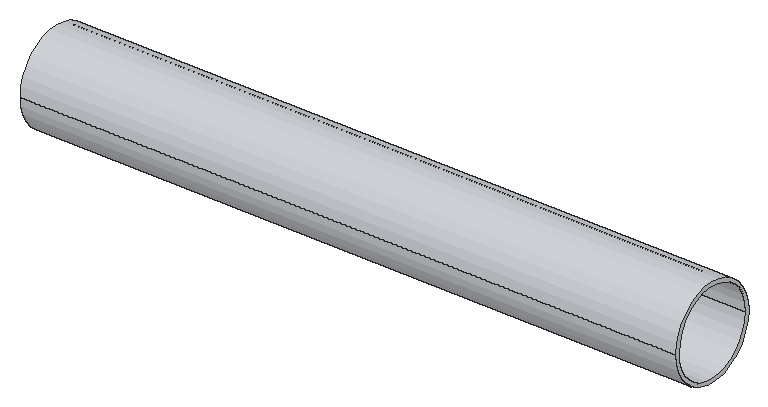
Revit family "StructuralFraming_TubeProfile", category Structural Framing, Revit 2018
Family settings
  Structural Framing Length Roundoff = 1 mm
  Section Shape = Pipe Standard
  Material for Model Behavior = Steel
  Always export as geometry = No
  Always vertical = Yes
  Cut with Voids When Loaded = No
  Symbolic Representation = From Project Settings
  Shared = No
  Show family pre-cut in plan views = Yes
Parameters (values of type "TubeProfile")
  Wall Nominal Thickness = 6 mm
  Structural Material [instance] = none
  Length [instance] = 1500 mm
  Diameter = 168 mm
  Centroid Vertical = 0 mm
  Centroid Horizontal = 0 mm
  Assembly Code = ""
Reference planes
  plane 1 "Center (Front/Back)": y = 0
  plane 2: z = 0
  plane 3 "Center (Left/Right)": x = 4.61
  plane 4 "Member Left": x = -604.99
  plane 5 "Member Right": x = 614.21
  plane 6: y = 84
  plane 7: y = -84
  plane 8 "Top": z = 84
  plane 9: z = -84
  plane 10 "Left": x = -757.39
  plane 11 "Right": x = 742.61
Forms (mm)
  Extrusion 1, solid, material <- "Structural Material", detail levels medium+fine
    sketch origin (4.61, 0, 0) x (0, 1, 0) y (0, 0, 1)
      loop
        circle (0, 0) r 84
      loop
        circle (0, 0) r 78
    from -609.6 to 609.6
Lines and regions (mm)
  symbolic lines, style "Stick Symbols", detail levels coarse
    curve 1: arc (0, 84, 0) -> (0, 0, -84) -> (0, -84, 0) r 84
    curve 2: arc (0, -84, 0) -> (0, 0, 84) -> (0, 84, 0) r 84
Dimensions and locks
  "Diameter": plane 6 to plane 7
  "Diameter": plane 9 to plane 8 "Top"
  equal spacing: plane 9, plane 2, plane 8 "Top"
  equal spacing: plane 6, plane 1 "Center (Front/Back)", plane 7
  "Length": plane 10 "Left" to plane 11 "Right"
  "Wall Nominal Thickness": plane 6 to Extrusion 1 sketch curve
  "Wall Nominal Thickness": Extrusion 1 sketch curve to plane 7
  aligned and locked: plane 4 "Member Left" to Extrusion 1
  aligned and locked: Extrusion 1 to plane 5 "Member Right"
Automatic sketch dimensions
  curve 1 to level = 0 mm
  curve 1 to plane 7 = 0 mm
  curve 1 to plane 1 "Center (Front/Back)" = 0 mm
  Extrusion 1 sketch curve to Extrusion 1 sketch curve = 0 mm  (x2)
  Extrusion 1 sketch curve to level = 0 mm
  Extrusion 1 sketch curve to plane 7 = 0 mm
